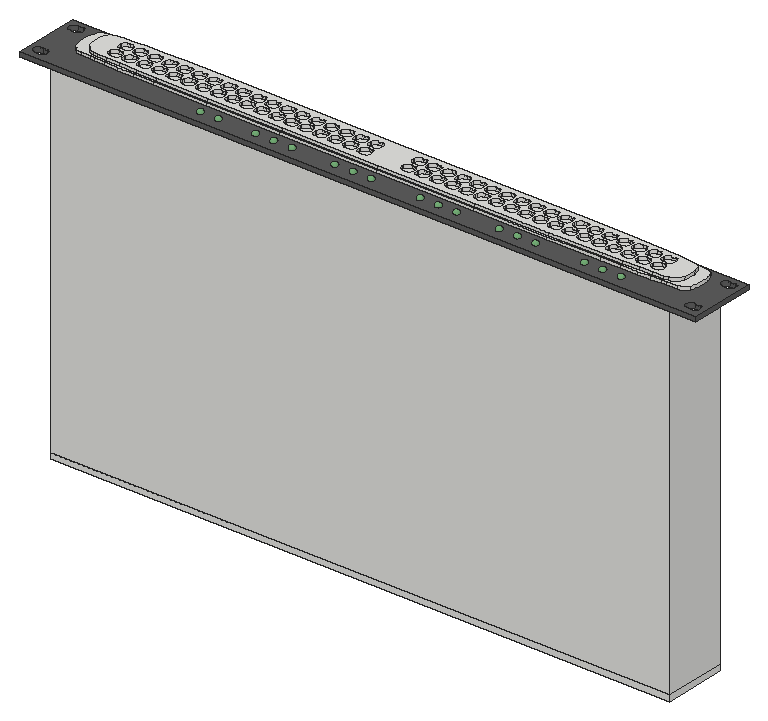
Revit family "Electronics_Expansion-Outputs_Biamp_Vocia_Enhanced-Output-Device_VO-4e__", category Communication Devices, host Face, Revit 2020 (continued)
Definition of nested family "VO-4"
  Forms (in)
    Extrusion 6, solid, material <- "Material Case", detail levels medium+fine
      sketch origin (0, -0.15748, 0) x (1, 0, 0) y (0, 0, 1)
        loop
          arc (6.19309, 0.95247) -> (6.234, 0.8537) -> (6.33278, 0.81278) r 0.13968
          line (6.33278, 0.81278) -> (6.41148, 0.81278)
          arc (6.41148, 0.81278) -> (6.51025, 0.8537) -> (6.55116, 0.95247) r 0.13968
          line (6.55116, 0.95247) -> (6.55116, 0.99345)
          arc (6.55116, 0.99345) -> (6.51207, 1.08784) -> (6.41768, 1.12693) r 0.13348
          line (6.41768, 1.12693) -> (6.32657, 1.12693)
        loop
          arc (6.74288, 1.12693) -> (6.64849, 1.08784) -> (6.6094, 0.99345) r 0.13348
          line (6.6094, 0.99345) -> (6.6094, 0.95247)
          arc (6.6094, 0.95247) -> (6.65031, 0.8537) -> (6.74908, 0.81278) r 0.13968
          line (6.74908, 0.81278) -> (6.82779, 0.81278)
          arc (6.82779, 0.81278) -> (6.92656, 0.8537) -> (6.96747, 0.95247) r 0.13968
          line (6.96747, 0.95247) -> (6.96747, 0.99345)
          arc (6.96747, 0.99345) -> (6.92838, 1.08784) -> (6.83399, 1.12693) r 0.13348
          line (6.83399, 1.12693) -> (6.74288, 1.12693)
        loop
          arc (7.15572, 1.12693) -> (7.06134, 1.08784) -> (7.02224, 0.99345) r 0.13348
          line (7.02224, 0.99345) -> (7.02224, 0.95247)
          arc (7.02224, 0.95247) -> (7.06315, 0.8537) -> (7.16193, 0.81278) r 0.13968
          line (7.16193, 0.81278) -> (7.24063, 0.81278)
          arc (7.24063, 0.81278) -> (7.3394, 0.8537) -> (7.38031, 0.95247) r 0.13968
          line (7.38031, 0.95247) -> (7.38031, 0.99345)
          arc (7.38031, 0.99345) -> (7.34122, 1.08784) -> (7.24683, 1.12693) r 0.13348
          line (7.24683, 1.12693) -> (7.15572, 1.12693)
        loop
          arc (7.57203, 1.12693) -> (7.47764, 1.08784) -> (7.43855, 0.99345) r 0.13348
          line (7.43855, 0.99345) -> (7.43855, 0.95247)
          arc (7.43855, 0.95247) -> (7.47946, 0.8537) -> (7.57823, 0.81278) r 0.13968
          line (7.57823, 0.81278) -> (7.65694, 0.81278)
          arc (7.65694, 0.81278) -> (7.75571, 0.8537) -> (7.79662, 0.95247) r 0.13968
          line (7.79662, 0.95247) -> (7.79662, 0.99345)
          arc (7.79662, 0.99345) -> (7.75753, 1.08784) -> (7.66314, 1.12693) r 0.13348
          line (7.66314, 1.12693) -> (7.57203, 1.12693)
      from 4.92126 to 5
    Extrusion 7, solid, material <- "Material Case", visible <- "Vocia VO-4e"
      sketch origin (0, 0, 0) x (1, 0, 0) y (0, 0, 1)
        loop
          line (8.70241, 0) -> (8.70241, 1.75) -> (-8.69922, 1.75) -> (-8.69922, 0) -> (8.70241, 0)
        loop
          line (6.84306, 0.79245) -> (5.98356, 0.79245) -> (5.98356, 0.33371) -> (6.84306, 0.33371) -> (6.84306, 0.79245)
        loop
          line (3.42579, 0.85965) -> (2.84897, 0.85965) -> (2.84897, 0.45964) -> (3.42579, 0.45964) -> (3.42579, 0.85965)
        loop
          line (2.791, 0.85965) -> (2.21417, 0.85965) -> (2.21417, 0.45964) -> (2.791, 0.45964) -> (2.791, 0.85965)
        loop
          line (2.06352, 1.43628) -> (1.40684, 1.43628) -> (1.40684, 0.97961) -> (2.06352, 0.97961) -> (2.06352, 1.43628)
        loop
          line (1.33684, 1.43628) -> (0.68016, 1.43628) -> (0.68016, 0.97961) -> (1.33684, 0.97961) -> (1.33684, 1.43628)
        loop
          line (0.28557, 1.43628) -> (-0.37481, 1.43628) -> (-0.37481, 0.97961) -> (0.28557, 0.97961) -> (0.28557, 1.43628)
        loop
          line (-0.44538, 1.43628) -> (-1.10324, 1.43628) -> (-1.10324, 0.97961) -> (-0.44538, 0.97961) -> (-0.44538, 1.43628)
        loop
          line (0.28185, 0.62199) -> (-1.49934, 0.62199) -> (-1.49934, 0.34009) -> (0.28185, 0.34009) -> (0.28185, 0.62199)
        loop
          line (-1.705, 0.79359) -> (-2.35167, 0.79359) -> (-2.35167, 0.34009) -> (-1.705, 0.34009) -> (-1.705, 0.79359)
        loop
          line (-2.65835, 1.0436) -> (-3.92462, 1.0436) -> (-3.92462, 0.59037) -> (-2.65835, 0.59037) -> (-2.65835, 1.0436)
        loop
          line (-4.04397, 1.0436) -> (-5.30597, 1.0436) -> (-5.30597, 0.59037) -> (-4.04397, 0.59037) -> (-4.04397, 1.0436)
        loop
          line (-5.51822, 1.0436) -> (-6.77747, 1.0436) -> (-6.77747, 0.59037) -> (-5.51822, 0.59037) -> (-5.51822, 1.0436)
        loop
          line (-7.07976, 1.0436) -> (-8.3486, 1.0436) -> (-8.3486, 0.59037) -> (-7.07976, 0.59037) -> (-7.07976, 1.0436)
        loop
          circle (8.22625, 0.875) r 0.14433
      from -5 to -4.83333
    Revolve 8, solid, detail levels fine
      sketch origin (-9.96711, -5, -0.52328) x (1, 0, 0) y (0, 0, 1)
        loop
          line (7.74068, 0.81698) -> (7.89816, 0.81698)
          arc (7.89816, 0.81698) -> (7.81942, 0.89572) -> (7.74068, 0.81698) r 0.07874
        loop
          line (7.22883, 0.81698) -> (7.38631, 0.81698)
          arc (7.38631, 0.81698) -> (7.30757, 0.89572) -> (7.22883, 0.81698) r 0.07874
        loop
          line (6.71712, 0.81698) -> (6.8746, 0.81698)
          arc (6.8746, 0.81698) -> (6.79586, 0.89572) -> (6.71712, 0.81698) r 0.07874
        loop
          line (5.16149, 0.81698) -> (5.31897, 0.81698)
          arc (5.31897, 0.81698) -> (5.24023, 0.89572) -> (5.16149, 0.81698) r 0.07874
        loop
          line (8.94128, 0.81698) -> (9.09876, 0.81698)
          arc (9.09876, 0.81698) -> (9.02002, 0.89572) -> (8.94128, 0.81698) r 0.07874
        loop
          line (9.45317, 0.81698) -> (9.61065, 0.81698)
          arc (9.61065, 0.81698) -> (9.53191, 0.89572) -> (9.45317, 0.81698) r 0.07874
        loop
          line (9.96506, 0.81698) -> (10.12254, 0.81698)
          arc (10.12254, 0.81698) -> (10.0438, 0.89572) -> (9.96506, 0.81698) r 0.07874
        loop
          line (11.34149, 0.81698) -> (11.49897, 0.81698)
          arc (11.49897, 0.81698) -> (11.42023, 0.89572) -> (11.34149, 0.81698) r 0.07874
        loop
          line (11.85338, 0.81698) -> (12.01086, 0.81698)
          arc (12.01086, 0.81698) -> (11.93212, 0.89572) -> (11.85338, 0.81698) r 0.07874
        loop
          line (12.36527, 0.81698) -> (12.52275, 0.81698)
          arc (12.52275, 0.81698) -> (12.44401, 0.89572) -> (12.36527, 0.81698) r 0.07874
        loop
          line (13.56565, 0.81698) -> (13.72313, 0.81698)
          arc (13.72313, 0.81698) -> (13.64439, 0.89572) -> (13.56565, 0.81698) r 0.07874
        loop
          line (14.07754, 0.81698) -> (14.23502, 0.81698)
          arc (14.23502, 0.81698) -> (14.15628, 0.89572) -> (14.07754, 0.81698) r 0.07874
        loop
          line (14.58943, 0.81698) -> (14.74691, 0.81698)
          arc (14.74691, 0.81698) -> (14.66817, 0.89572) -> (14.58943, 0.81698) r 0.07874
        loop
          line (15.96586, 0.81698) -> (16.12334, 0.81698)
          arc (16.12334, 0.81698) -> (16.0446, 0.89572) -> (15.96586, 0.81698) r 0.07874
        loop
          line (16.47775, 0.81698) -> (16.63523, 0.81698)
          arc (16.63523, 0.81698) -> (16.55649, 0.89572) -> (16.47775, 0.81698) r 0.07874
        loop
          line (16.98964, 0.81698) -> (17.14712, 0.81698)
          arc (17.14712, 0.81698) -> (17.06838, 0.89572) -> (16.98964, 0.81698) r 0.07874
        loop
          line (5.6732, 0.81698) -> (5.83068, 0.81698)
          arc (5.83068, 0.81698) -> (5.75194, 0.89572) -> (5.6732, 0.81698) r 0.07874
        axis (5.16149, 0.81698) -> (17.14712, 0.81698)
      angle from 360 to 180
    Extrusion 9, solid, detail levels coarse
      sketch origin (0, 0, 0) x (1, 0, 0) y (0, 1, 0)
        loop
          line (-9.5, -4.875) -> (-9.5, -5) -> (9.5, -5) -> (9.5, -4.875) -> (-9.5, -4.875)
      from 0 to 1.77048
  Cuts and joins
    Extrusion 4 cuts Extrusion 2
  Lines and regions (in)
    Masking region 1
      outline origin (0, 0, 0) x (1, 0, 0) y (0, 1, 0)
        loop
          line (-9.5, -5) -> (9.5, -5) -> (9.5, -4.875) -> (8.70241, -4.875) -> (8.70241, 5) -> (-8.69922, 5) -> (-8.69922, -4.875) -> (-9.5, -4.875) -> (-9.5, -5)
    Masking region 2, detail levels medium+fine
      outline origin (0, 0, 0) x (1, 0, 0) y (0, 1, 0)
        loop
          line (-8.69531, -5.07874) -> (-8.37519, -5.07874) -> (-8.37519, -5.15748) -> (8.37154, -5.15748) -> (8.37154, -5.07874) -> (8.69531, -5.07874) -> (8.69531, -5) -> (-8.69531, -5) -> (-8.69531, -5.07874)
    symbolic lines, detail levels medium+fine
      curve 1: line (-8.37519, -5.07874, 0) -> (8.37519, -5.07874, 0)
    symbolic lines
      curve 2: line (-8.69922, -4.875, 0) -> (8.70241, -4.875, 0)
  Dimensions and locks (in)
    aligned and locked: plane 2 to Extrusion 1
    aligned and locked: level to Extrusion 1
  Automatic sketch dimensions
    Extrusion 1 sketch curve to Extrusion 1 sketch curve = 96.00"  (x2)
    Extrusion 2 sketch curve to plane 3 "Center (Left/Right)" = 9.50"
    plane 3 "Center (Left/Right)" to Extrusion 2 sketch curve = 9.50"
    plane 1 "Center (Front/Back)" to Extrusion 2 sketch curve = 5.00"
    Extrusion 2 sketch curve to Extrusion 2 sketch curve = 0.125"
    Extrusion 3 sketch curve to plane 3 "Center (Left/Right)" = 8.69922"
    plane 3 "Center (Left/Right)" to Extrusion 3 sketch curve = 8.70241"
    plane 1 "Center (Front/Back)" to Extrusion 3 sketch curve = 4.875"
    Extrusion 3 sketch curve to plane 1 "Center (Front/Back)" = 4.83333"
    level to Extrusion 4 sketch curve = 1.49947"
    Extrusion 4 sketch curve to plane 3 "Center (Left/Right)" = 9.24042"
    level to Extrusion 4 sketch curve = 0.11597"  (x2)
    Extrusion 4 sketch curve to Extrusion 4 sketch curve = 0.00"  (x2)
    Extrusion 4 sketch curve to Extrusion 4 sketch curve = 0.13799"  (x4)
    level to Extrusion 4 sketch curve = 0.24991"
    plane 3 "Center (Left/Right)" to Extrusion 4 sketch curve = 9.10302"
    Extrusion 4 sketch curve to Extrusion 4 sketch curve = 0.13395"  (x3)
    Extrusion 4 sketch curve to Extrusion 4 sketch curve = 0.98166"
    Extrusion 5 sketch curve to plane 3 "Center (Left/Right)" = 0.00"
    Extrusion 5 sketch curve to plane 3 "Center (Left/Right)" = 2.72254"
    level to Extrusion 5 sketch curve = 0.59296"  (x2)
    Extrusion 5 sketch curve to Extrusion 5 sketch curve = 0.00"  (x5)
    level to Extrusion 5 sketch curve = 0.59874"  (x2)
    Extrusion 5 sketch curve to Extrusion 5 sketch curve = 2.06333"  (x2)
    level to Extrusion 5 sketch curve = 1.72765"  (x2)
    level to Extrusion 5 sketch curve = 0.6074"  (x2)
    Extrusion 5 sketch curve to Extrusion 5 sketch curve = 1.4997"
    level to Extrusion 5 sketch curve = 1.71901"  (x2)
    level to Extrusion 5 sketch curve = 1.71324"  (x2)
    Extrusion 5 sketch curve to Extrusion 5 sketch curve = 0.56798"  (x3)
    level to Extrusion 5 sketch curve = 0.61315"  (x2)
    level to Extrusion 5 sketch curve = 0.62036"  (x2)
    Extrusion 5 sketch curve to Extrusion 5 sketch curve = 0.46078"  (x3)
    level to Extrusion 5 sketch curve = 1.70603"  (x2)
    level to Extrusion 5 sketch curve = 0.629"  (x2)
    Extrusion 5 sketch curve to Extrusion 5 sketch curve = 0.36514"  (x4)
    level to Extrusion 5 sketch curve = 1.69738"  (x2)
    level to Extrusion 5 sketch curve = 1.68728"  (x2)
    Extrusion 5 sketch curve to Extrusion 5 sketch curve = 0.28256"  (x3)
    level to Extrusion 5 sketch curve = 0.63909"  (x2)
    level to Extrusion 5 sketch curve = 0.64647"
    Extrusion 5 sketch curve to Extrusion 5 sketch curve = 0.13516"
    level to Extrusion 5 sketch curve = 1.67982"  (x2)
    Extrusion 5 sketch curve to Extrusion 5 sketch curve = 0.13655"  (x2)
    Extrusion 5 sketch curve to Extrusion 5 sketch curve = 0.28133"
    level to Extrusion 5 sketch curve = 0.66781"  (x2)
    Extrusion 5 sketch curve to Extrusion 5 sketch curve = 0.0212"  (x3)
    level to Extrusion 5 sketch curve = 1.65858"  (x2)
    plane 3 "Center (Left/Right)" to Extrusion 5 sketch curve = 0.00007"
    Extrusion 5 sketch curve to Extrusion 5 sketch curve = 2.72117"
    Extrusion 5 sketch curve to Extrusion 5 sketch curve = 0.0013"  (x2)
    Extrusion 5 sketch curve to Extrusion 5 sketch curve = 1.49968"
    Extrusion 5 sketch curve to Extrusion 5 sketch curve = 0.00132"
    Extrusion 5 sketch curve to Extrusion 5 sketch curve = 0.56801"
    Extrusion 5 sketch curve to Extrusion 5 sketch curve = 0.46076"
    Extrusion 5 sketch curve to Extrusion 5 sketch curve = 0.28258"
    level to Extrusion 5 sketch curve = 0.64678"
    Extrusion 5 sketch curve to Extrusion 5 sketch curve = 0.14085"
    Extrusion 5 sketch curve to Extrusion 5 sketch curve = 0.27993"
    Extrusion 5 sketch curve to Extrusion 5 sketch curve = 0.29811"
    level to Extrusion 5 sketch curve = 0.59153"
    Extrusion 5 sketch curve to Extrusion 5 sketch curve = 0.30051"  (x4)
    Extrusion 5 sketch curve to Extrusion 5 sketch curve = 1.14045"
    Extrusion 5 sketch curve to Extrusion 5 sketch curve = 0.03916"  (x2)
    Extrusion 5 sketch curve to Extrusion 5 sketch curve = 0.23666"  (x2)
    Extrusion 5 sketch curve to Extrusion 5 sketch curve = 0.24107"  (x2)
    Extrusion 5 sketch curve to Extrusion 5 sketch curve = 0.19267"  (x2)
    Extrusion 6 sketch curve to plane 3 "Center (Left/Right)" = 0.00"
    Extrusion 6 sketch curve to plane 3 "Center (Left/Right)" = 0.44355"
    Extrusion 6 sketch curve to Extrusion 6 sketch curve = 0.00"  (x2)
    Extrusion 6 sketch curve to Extrusion 6 sketch curve = 0.13348"  (x142)
    Extrusion 6 sketch curve to Extrusion 6 sketch curve = 0.0062"  (x121)
    Extrusion 6 sketch curve to Extrusion 6 sketch curve = 0.0787"  (x72)
    Extrusion 6 sketch curve to Extrusion 6 sketch curve = 0.05823"  (x16)
    Extrusion 6 sketch curve to Extrusion 6 sketch curve = 0.09111"  (x21)
    Extrusion 6 sketch curve to Extrusion 6 sketch curve = 0.05477"  (x12)
    Extrusion 6 sketch curve to Extrusion 6 sketch curve = 0.05457"  (x4)
    Extrusion 6 sketch curve to Extrusion 6 sketch curve = 0.05149"  (x4)
    Extrusion 6 sketch curve to Extrusion 6 sketch curve = 0.07784"
    level to Extrusion 6 sketch curve = 0.63949"  (x2)
    Extrusion 6 sketch curve to Extrusion 6 sketch curve = 0.07164"
    Extrusion 6 sketch curve to Extrusion 6 sketch curve = 0.05476"  (x12)
    Extrusion 6 sketch curve to Extrusion 6 sketch curve = 0.0513"  (x4)
    level to Extrusion 6 sketch curve = 0.64526"  (x2)
    Extrusion 6 sketch curve to Extrusion 6 sketch curve = 0.07078"
    level to Extrusion 6 sketch curve = 1.68997"  (x2)
    Extrusion 6 sketch curve to Extrusion 6 sketch curve = 0.07698"
    Extrusion 6 sketch curve to Extrusion 6 sketch curve = 0.05419"  (x4)
    level to Extrusion 6 sketch curve = 0.66748"
    Extrusion 6 sketch curve to Extrusion 6 sketch curve = 0.24971"
    level to Extrusion 6 sketch curve = 1.67233"
    Extrusion 6 sketch curve to Extrusion 6 sketch curve = 0.24358"
    Extrusion 6 sketch curve to Extrusion 6 sketch curve = 0.07757"
    Extrusion 6 sketch curve to Extrusion 6 sketch curve = 0.08385"
    Extrusion 6 sketch curve to Extrusion 6 sketch curve = 0.0581"  (x4)
    level to Extrusion 6 sketch curve = 1.66574"
    Extrusion 6 sketch curve to Extrusion 6 sketch curve = 0.06442"
    level to Extrusion 6 sketch curve = 0.67739"
    Extrusion 6 sketch curve to Extrusion 6 sketch curve = 0.06785"
    Extrusion 6 sketch curve to Extrusion 6 sketch curve = 0.05456"  (x4)
    level to Extrusion 6 sketch curve = 0.68698"
    Extrusion 6 sketch curve to Extrusion 6 sketch curve = 0.03715"
    level to Extrusion 6 sketch curve = 1.65042"
    Extrusion 6 sketch curve to Extrusion 6 sketch curve = 0.03126"
    Extrusion 6 sketch curve to Extrusion 6 sketch curve = 0.04718"  (x4)
    level to Extrusion 6 sketch curve = 0.69972"
    Extrusion 6 sketch curve to Extrusion 6 sketch curve = 0.07549"
    level to Extrusion 6 sketch curve = 1.63496"
    Extrusion 6 sketch curve to Extrusion 6 sketch curve = 0.08226"
    level to Extrusion 6 sketch curve = 1.62145"  (x2)
    Extrusion 6 sketch curve to Extrusion 6 sketch curve = 0.24748"
    level to Extrusion 6 sketch curve = 0.72678"  (x2)
    Extrusion 6 sketch curve to Extrusion 6 sketch curve = 0.1371"
    Extrusion 6 sketch curve to Extrusion 6 sketch curve = 0.23683"
    Extrusion 6 sketch curve to Extrusion 6 sketch curve = 0.24808"
    level to Extrusion 6 sketch curve = 0.74163"  (x2)
    Extrusion 6 sketch curve to Extrusion 6 sketch curve = 0.12093"  (x2)
    level to Extrusion 6 sketch curve = 1.5952"  (x2)
    Extrusion 6 sketch curve to Extrusion 6 sketch curve = 0.18526"  (x2)
    plane 3 "Center (Left/Right)" to Extrusion 6 sketch curve = 0.00007"
    plane 3 "Center (Left/Right)" to Extrusion 6 sketch curve = 0.41838"
    Extrusion 6 sketch curve to Extrusion 6 sketch curve = 0.02531"
    Extrusion 6 sketch curve to Extrusion 6 sketch curve = 0.02041"
    Extrusion 6 sketch curve to Extrusion 6 sketch curve = 0.02444"
    Extrusion 6 sketch curve to Extrusion 6 sketch curve = 0.01954"
    level to Extrusion 6 sketch curve = 0.66588"
    Extrusion 6 sketch curve to Extrusion 6 sketch curve = 0.07919"
    level to Extrusion 6 sketch curve = 1.68133"
    Extrusion 6 sketch curve to Extrusion 6 sketch curve = 0.09248"
    Extrusion 6 sketch curve to Extrusion 6 sketch curve = 0.04101"
    Extrusion 6 sketch curve to Extrusion 6 sketch curve = 0.0605"
    level to Extrusion 6 sketch curve = 0.6729"
    Extrusion 6 sketch curve to Extrusion 6 sketch curve = 0.01124"
    level to Extrusion 6 sketch curve = 1.66718"
    Extrusion 6 sketch curve to Extrusion 6 sketch curve = 0.01912"
    level to Extrusion 6 sketch curve = 0.68465"
    Extrusion 6 sketch curve to Extrusion 6 sketch curve = 0.07229"
    level to Extrusion 6 sketch curve = 1.65132"
    Extrusion 6 sketch curve to Extrusion 6 sketch curve = 0.07343"
    level to Extrusion 6 sketch curve = 0.69942"
    Extrusion 6 sketch curve to Extrusion 6 sketch curve = 0.01411"
    level to Extrusion 6 sketch curve = 1.63879"
    Extrusion 6 sketch curve to Extrusion 6 sketch curve = 0.01583"
    Extrusion 6 sketch curve to Extrusion 6 sketch curve = 0.24797"
    Extrusion 6 sketch curve to Extrusion 6 sketch curve = 0.16227"
    Extrusion 6 sketch curve to Extrusion 6 sketch curve = 0.262"
    Extrusion 6 sketch curve to Extrusion 6 sketch curve = 0.01125"
    level to Extrusion 6 sketch curve = 0.63805"
    level to Extrusion 6 sketch curve = 0.81278"  (x2)
    Extrusion 6 sketch curve to Extrusion 6 sketch curve = 0.14531"  (x2)
    Extrusion 6 sketch curve to Extrusion 6 sketch curve = 0.12813"
    Extrusion 6 sketch curve to Extrusion 6 sketch curve = 0.13968"  (x19)
    Extrusion 6 sketch curve to Extrusion 6 sketch curve = 0.11337"
    Extrusion 6 sketch curve to Extrusion 6 sketch curve = 0.1733"  (x3)
    Extrusion 6 sketch curve to Extrusion 6 sketch curve = 0.13989"
    Extrusion 6 sketch curve to Extrusion 6 sketch curve = 0.17474"
    Extrusion 6 sketch curve to Extrusion 6 sketch curve = 0.16752"  (x2)
    Extrusion 6 sketch curve to Extrusion 6 sketch curve = 0.1469"
    Extrusion 6 sketch curve to Extrusion 6 sketch curve = 0.11306"
    Extrusion 6 sketch curve to Extrusion 6 sketch curve = 0.1354"
    Extrusion 6 sketch curve to Extrusion 6 sketch curve = 0.12581"
    Extrusion 6 sketch curve to Extrusion 6 sketch curve = 0.04098"  (x72)
    Extrusion 6 sketch curve to Extrusion 6 sketch curve = 0.04869"  (x2)
    Extrusion 6 sketch curve to Extrusion 6 sketch curve = 0.06154"  (x36)
    Extrusion 6 sketch curve to Extrusion 6 sketch curve = 0.25437"
    Extrusion 6 sketch curve to Extrusion 6 sketch curve = 0.03165"
    Extrusion 6 sketch curve to Extrusion 6 sketch curve = 0.19312"
    Extrusion 6 sketch curve to Extrusion 6 sketch curve = 0.01454"
    Extrusion 6 sketch curve to Extrusion 6 sketch curve = 0.29534"  (x2)
    Extrusion 6 sketch curve to Extrusion 6 sketch curve = 0.27388"  (x2)
    Extrusion 6 sketch curve to Extrusion 6 sketch curve = 0.02779"
    Extrusion 6 sketch curve to Extrusion 6 sketch curve = 0.09413"  (x2)
    Extrusion 7 sketch curve to level = 0.00"
    Extrusion 7 sketch curve to plane 3 "Center (Left/Right)" = 8.69922"
    Extrusion 7 sketch curve to Extrusion 7 sketch curve = 0.35062"
    level to Extrusion 7 sketch curve = 0.59037"  (x4)
    Extrusion 7 sketch curve to Extrusion 7 sketch curve = 1.26884"
    Extrusion 7 sketch curve to Extrusion 7 sketch curve = 0.30229"
    Extrusion 7 sketch curve to Extrusion 7 sketch curve = 1.25925"
    Extrusion 7 sketch curve to Extrusion 7 sketch curve = 0.21225"
    Extrusion 7 sketch curve to Extrusion 7 sketch curve = 1.262"
    Extrusion 7 sketch curve to Extrusion 7 sketch curve = 0.11936"
    Extrusion 7 sketch curve to Extrusion 7 sketch curve = 1.26627"
    Extrusion 7 sketch curve to Extrusion 7 sketch curve = 0.30667"
    Extrusion 7 sketch curve to Extrusion 7 sketch curve = 0.64668"
    Extrusion 7 sketch curve to Extrusion 7 sketch curve = 0.20566"
    Extrusion 7 sketch curve to Extrusion 7 sketch curve = 0.60175"
    Extrusion 7 sketch curve to plane 3 "Center (Left/Right)" = 0.44538"
    Extrusion 7 sketch curve to Extrusion 7 sketch curve = 0.07057"
    plane 3 "Center (Left/Right)" to Extrusion 7 sketch curve = 0.28185"
    plane 3 "Center (Left/Right)" to Extrusion 7 sketch curve = 0.28557"
    Extrusion 7 sketch curve to Extrusion 7 sketch curve = 0.39459"
    Extrusion 7 sketch curve to Extrusion 7 sketch curve = 0.65668"  (x2)
    Extrusion 7 sketch curve to Extrusion 7 sketch curve = 0.07"
    Extrusion 7 sketch curve to Extrusion 7 sketch curve = 0.15065"
    Extrusion 7 sketch curve to Extrusion 7 sketch curve = 0.57682"  (x2)
    Extrusion 7 sketch curve to Extrusion 7 sketch curve = 0.05797"
    level to Extrusion 7 sketch curve = 0.79245"
    Extrusion 7 sketch curve to Extrusion 7 sketch curve = 2.55777"
    level to Extrusion 7 sketch curve = 0.33371"
    Extrusion 7 sketch curve to Extrusion 7 sketch curve = 0.8595"
    Extrusion 7 sketch curve to Extrusion 7 sketch curve = 1.38319"
    Extrusion 7 sketch curve to Extrusion 7 sketch curve = 0.47616"
    level to Extrusion 7 sketch curve = 0.34009"  (x2)
    level to Extrusion 7 sketch curve = 0.45964"  (x2)
    Extrusion 7 sketch curve to Extrusion 7 sketch curve = 0.2819"
    Extrusion 7 sketch curve to Extrusion 7 sketch curve = 0.1716"
    Extrusion 7 sketch curve to Extrusion 7 sketch curve = 0.40001"
    Extrusion 7 sketch curve to Extrusion 7 sketch curve = 0.00"  (x6)
    level to Extrusion 7 sketch curve = 0.875"
    Extrusion 7 sketch curve to Extrusion 7 sketch curve = 0.35761"
    Extrusion 7 sketch curve to Extrusion 7 sketch curve = 0.11996"
    Extrusion 7 sketch curve to Extrusion 7 sketch curve = 0.45323"
    Extrusion 7 sketch curve to Extrusion 7 sketch curve = 0.25"
    Extrusion 7 sketch curve to Extrusion 7 sketch curve = 0.45668"  (x3)
    Extrusion 7 sketch curve to Extrusion 7 sketch curve = 0.7064"
    Masking region 1 sketch curve to plane 3 "Center (Left/Right)" = 9.50"
    Masking region 1 sketch curve to plane 3 "Center (Left/Right)" = 8.69922"
    plane 3 "Center (Left/Right)" to Masking region 1 sketch curve = 8.70241"
    Masking region 1 sketch curve to Masking region 1 sketch curve = 0.79759"
    plane 1 "Center (Front/Back)" to Masking region 1 sketch curve = 5.00"
    Masking region 1 sketch curve to Masking region 1 sketch curve = 0.125"  (x2)
    Masking region 1 sketch curve to plane 1 "Center (Front/Back)" = 5.00"
    Masking region 2 sketch curve to plane 3 "Center (Left/Right)" = 8.69531"
    Masking region 2 sketch curve to Masking region 2 sketch curve = 0.32012"
    plane 3 "Center (Left/Right)" to Masking region 2 sketch curve = 8.37154"
    Masking region 2 sketch curve to Masking region 2 sketch curve = 0.32377"
    plane 1 "Center (Front/Back)" to Masking region 2 sketch curve = 5.15748"
    Masking region 2 sketch curve to Masking region 2 sketch curve = 0.07874"  (x3)
    curve 2 to plane 3 "Center (Left/Right)" = 8.69922"
    plane 1 "Center (Front/Back)" to curve 1 = 5.07874"
    curve 2 to curve 1 = 0.32404"
    plane 3 "Center (Left/Right)" to curve 1 = 8.37519"
    curve 1 to curve 2 = 0.32723"
    curve 1 to curve 2 = 0.20374"
    Extrusion 9 sketch curve to plane 3 "Center (Left/Right)" = 9.50"
    plane 3 "Center (Left/Right)" to Extrusion 9 sketch curve = 9.50"
    plane 1 "Center (Front/Back)" to Extrusion 9 sketch curve = 5.00"
    Extrusion 9 sketch curve to Extrusion 9 sketch curve = 0.125"
    level to Revolve 8 sketch curve = 0.2937"  (x17)
    Revolve 8 sketch curve to plane 3 "Center (Left/Right)" = 4.80562"
    Revolve 8 sketch curve to Revolve 8 sketch curve = 0.07874"  (x17)
    Revolve 8 sketch curve to Revolve 8 sketch curve = 0.35423"  (x2)
    Revolve 8 sketch curve to Revolve 8 sketch curve = 0.88644"
    Revolve 8 sketch curve to Revolve 8 sketch curve = 0.35437"
    Revolve 8 sketch curve to Revolve 8 sketch curve = 1.04312"
    Revolve 8 sketch curve to Revolve 8 sketch curve = 0.35441"  (x7)
    Revolve 8 sketch curve to plane 3 "Center (Left/Right)" = 0.00205"
    plane 3 "Center (Left/Right)" to Revolve 8 sketch curve = 1.37438"
    Revolve 8 sketch curve to Revolve 8 sketch curve = 1.0429"
    Revolve 8 sketch curve to Revolve 8 sketch curve = 1.21895"
    Revolve 8 sketch curve to Revolve 8 sketch curve = 0.01835"
    Revolve 8 sketch curve to Revolve 8 sketch curve = 0.00218"
    Revolve 8 sketch curve to Revolve 8 sketch curve = 0.00"
    radius of Extrusion 7 sketch curve = 0.14433"
